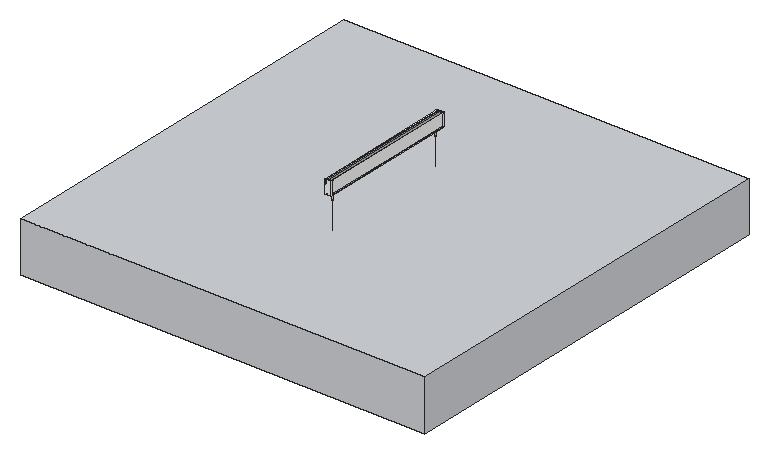
Revit family "LAMP_FIL 35 1960MM D-I OPAL", category Luminarias, Revit 2018
Family settings
  Anfitrión = Cara
  Cota de conector redondo = Diámetro de uso
  Tipo de pieza = Normal
  Corte con vacíos al cargar = No
  Origen de luz = Sí
  Compartido = No
  Punto de cálculo de habitación = No
Parameters (values of type "3960LM 3000K  BLACK")
  Ángulo de inclinación = -90.00°
  Weight = 4.12 kg
  Wattage = 21.72 W
  Type = "MID POWER TRIDONIC"
  built-in parameter 1150107 = 3000 (stored number, unit not read)
  NOT COVER 2 [instance] = not(END COVER 2)  # no
  NOT COVER 1 [instance] = not(END COVER 1)  # no
  Indirect light = LAMP_FIL 35 1960MM D-I OPAL_I : 3000K
  END COVER 2 [instance] = yes
  END COVER 1 [instance] = yes
  Suspension distance [instance] = if(Suspension > 4000 mm, 4000 mm, if(Suspension < 1 mm, 1 mm, Suspension))  # 200 mm
  Suspension [instance] = 200 mm
  built-in parameter 1150110 = 1 (stored number, unit not read)
  built-in parameter 1150109 = 1 (stored number, unit not read)
  built-in parameter 1150112 = 1 (stored number, unit not read)
  built-in parameter 1150113 = 1 (stored number, unit not read)
  built-in parameter 1114218 = 1 (stored number, unit not read)
  Protection rating = "IP20 / IK07"
  Product datasheet = "http://www.lamp.es/product-files/TECH/F31SF196LOIO830NB-EN.pdf"
  Product code = "F31SF196LOIO830NB"
  Product URL = "https://www.lamp.es/en/family/fil-35_413911"
  Power Supply = "220-240V 50/60Hz"
  Power = 32 W
  Plum = 36.2 W
  Photobiological risk = ""
  built-in parameter 1150137 = (empty or 0)
  built-in parameter 1150132 = 2
  Modelo = Product code  # "F31SF196LOIO830NB"
  Model Explanation = ""
  Material suspension = LAMP_Acero genérico
  Material perfil = LAMP_Aluminio Perfil Fil NG
  Material difusor = LAMP_PC Difusor Opal Fil
  Manufacturer name = "LAMP"
  Manufacturer country = "Spain"
  Manufacturer URL = "http://www.lamp.es/en"
  MacAdam = "3"
  Longitud de línea de emisión = 840 mm
  Last update = "14/05/2021"
  Lamp = "MID-POWER LED"
  LED Lifetime = "50.000 L90 B10"
  built-in parameter 1150105 = 189.09 (stored number, unit not read)
  built-in parameter 1150102 = (empty or 0)
  Insulation class = "I"
  Installation instructions = "https://www.lamp.es/product-files/INS/1004590-A%20INSTR.%20FIL35.pdf"
  built-in parameter 1150106 = 1.8909 (stored number, unit not read)
  IEE = "A+"
  Gear = "Electronic"
  Lumens = 2376.17 lm
  Finish = "Matte black RAL 9011"
  Color Filter = 16777215
  built-in parameter 1114217 = 1 (stored number, unit not read)
  built-in parameter 1150139 = (empty or 0)
  Fabricante = Manufacturer name  # "LAMP"
  Default Elevation = 1219.2 mm
  built-in parameter 1150104 = 10.164 (stored number, unit not read)
  Efficacy = 109.4 lm/W
  Dimensions = "1960x35x80"
  Descripción = "FIL35 SUR 1960 5400 WW D/I OPAL BK."
  built-in parameter 1150115 = 1 (stored number, unit not read)
  built-in parameter 1150114 = 1 (stored number, unit not read)
  built-in parameter 1150138 = (empty or 0)
  built-in parameter 1150134 = 3
  Dimming Lamp Color Temperature Shift = (empty or 0)
  CRI = "80"
  Archivo de red fotométrica = "F31SF196LOIO830NB_D.IES"
  built-in parameter 1150133 = 10 (stored number, unit not read)
Types (12, lengths in mm): name | built-in parameter 1150107 | Indirect light | Product datasheet | Product code | Modelo | Material perfil | built-in parameter 1150105 | built-in parameter 1150106 | Lumens | Finish | built-in parameter 1150104 | Efficacy | Descripción | Archivo de red fotométrica
  3960LM 3000K DALI BLACK | 3000 (stored number, unit not read) | LAMP_FIL 35 1960MM D-I OPAL_I : 3000K | "http://www.lamp.es/product-files/TECH/F31SF196LOIO830DB-EN.pdf" | "F31SF196LOIO830DB" | "F31SF196LOIO830DB" | LAMP_Aluminio Perfil Fil NG | 189.09 (stored number, unit not read) | 1.8909 (stored number, unit not read) | 2376.17 lm | "Matte black RAL 9011" | 10.164 (stored number, unit not read) | 109.4 lm/W | "FIL35 SUR 1960 5400 WW D/I OPAL DALI BK." | "F31SF196LOIO830NB_D.IES"
  3960LM 3000K DALI GREY | 3000 (stored number, unit not read) | LAMP_FIL 35 1960MM D-I OPAL_I : 3000K | "http://www.lamp.es/product-files/TECH/F31SF196LOIO830DG-EN.pdf" | "F31SF196LOIO830DG" | "F31SF196LOIO830DG" | LAMP_Aluminio Perfil Fil GR | 189.09 (stored number, unit not read) | 1.8909 (stored number, unit not read) | 2376.17 lm | "Gloss grey" | 10.164 (stored number, unit not read) | 109.4 lm/W | "FIL35 SUR 1960 2800 WW D/I OPAL DALI GR." | "F31SF196LOIO830NB_D.IES"
  3960LM 3000K DALI WHITE | 3000 (stored number, unit not read) | LAMP_FIL 35 1960MM D-I OPAL_I : 3000K | "http://www.lamp.es/product-files/TECH/F31SF196LOIO830DW-EN.pdf" | "F31SF196LOIO830DW" | "F31SF196LOIO830DW" | LAMP_Aluminio Perfil Fil BL | 562.78 (stored number, unit not read) | 5.6278 (stored number, unit not read) | 2376.17 lm | "Matte white RAL 9010" | 10.164 (stored number, unit not read) | 109.4 lm/W | "FIL35 SUR 1960 2800 WW D/I OPAL DALI WH." | "F31SF196LOIO830NB_D.IES"
  3960LM 3000K  BLACK | 3000 (stored number, unit not read) | LAMP_FIL 35 1960MM D-I OPAL_I : 3000K | "http://www.lamp.es/product-files/TECH/F31SF196LOIO830NB-EN.pdf" | "F31SF196LOIO830NB" | "F31SF196LOIO830NB" | LAMP_Aluminio Perfil Fil NG | 189.09 (stored number, unit not read) | 1.8909 (stored number, unit not read) | 2376.17 lm | "Matte black RAL 9011" | 10.164 (stored number, unit not read) | 109.4 lm/W | "FIL35 SUR 1960 5400 WW D/I OPAL BK." | "F31SF196LOIO830NB_D.IES"
  3960LM 3000K  GREY | 3000 (stored number, unit not read) | LAMP_FIL 35 1960MM D-I OPAL_I : 3000K | "http://www.lamp.es/product-files/TECH/F31SF196LOIO830NG-EN.pdf" | "F31SF196LOIO830NG" | "F31SF196LOIO830NG" | LAMP_Aluminio Perfil Fil GR | 189.09 (stored number, unit not read) | 1.8909 (stored number, unit not read) | 2376.17 lm | "Gloss grey" | 10.164 (stored number, unit not read) | 109.4 lm/W | "FIL35 SUR 1960 2800 WW D/I OPAL GR." | "F31SF168LOIO830NB_D.IES"
  3960LM 3000K  WHITE | 3000 (stored number, unit not read) | LAMP_FIL 35 1960MM D-I OPAL_I : 3000K | "http://www.lamp.es/product-files/TECH/F31SF196LOIO830NW-EN.pdf" | "F31SF196LOIO830NW" | "F31SF196LOIO830NW" | LAMP_Aluminio Perfil Fil BL | 189.09 (stored number, unit not read) | 1.8909 (stored number, unit not read) | 2376.17 lm | "Matte white RAL 9010" | 10.164 (stored number, unit not read) | 109.4 lm/W | "FIL35 SUR 1960 2800 WW D/I OPAL WH." | "F31SF196LOIO830NB_D.IES"
  4172LM 4000K DALI BLACK | 4000 (stored number, unit not read) | LAMP_FIL 35 1960MM D-I OPAL_I : 4000K | "http://www.lamp.es/product-files/TECH/F31SF196LOIO840DB-EN.pdf" | "F31SF196LOIO840DB" | "F31SF196LOIO840DB" | LAMP_Aluminio Perfil Fil NG | 199.11 (stored number, unit not read) | 1.9911 (stored number, unit not read) | 2502.14 lm | "Matte black RAL 9011" | 10.702 (stored number, unit not read) | 115.2 lm/W | "FIL35 SUR 1960 2800 NW D/I OPAL DALI BK." | "F31SF196LOIO840NB_D.IES"
  4172LM 4000K DALI GREY | 4000 (stored number, unit not read) | LAMP_FIL 35 1960MM D-I OPAL_I : 4000K | "http://www.lamp.es/product-files/TECH/F31SF196LOIO840DG-EN.pdf" | "F31SF196LOIO840DG" | "F31SF196LOIO840DG" | LAMP_Aluminio Perfil Fil GR | 199.11 (stored number, unit not read) | 1.9911 (stored number, unit not read) | 2502.14 lm | "Gloss grey" | 10.702 (stored number, unit not read) | 115.2 lm/W | "FIL35 SUR 1960 2800 NW D/I OPAL DALI GR." | "F31SF196LOIO840NB_D.IES"
  4172LM 4000K DALI WHITE | 4000 (stored number, unit not read) | LAMP_FIL 35 1960MM D-I OPAL_I : 4000K | "http://www.lamp.es/product-files/TECH/F31SF196LOIO840DW-EN.pdf" | "F31SF196LOIO840DW" | "F31SF196LOIO840DW" | LAMP_Aluminio Perfil Fil BL | 199.11 (stored number, unit not read) | 1.9911 (stored number, unit not read) | 2502.14 lm | "Matte white RAL 9010" | 10.702 (stored number, unit not read) | 115.2 lm/W | "FIL35 SUR 1960 2800 NW D/I OPAL DALI WH." | "F31SF196LOIO840NB_D.IES"
  4172LM 4000K  BLACK | 4000 (stored number, unit not read) | LAMP_FIL 35 1960MM D-I OPAL_I : 4000K | "http://www.lamp.es/product-files/TECH/F31SF196LOIO840NB-EN.pdf" | "F31SF196LOIO840NB" | "F31SF196LOIO840NB" | LAMP_Aluminio Perfil Fil NG | 199.11 (stored number, unit not read) | 1.9911 (stored number, unit not read) | 2502.14 lm | "Matte black RAL 9011" | 10.702 (stored number, unit not read) | 115.2 lm/W | "FIL35 SUR 1960 2800 NW D/I OPAL BK." | "F31SF196LOIO840NB_D.IES"
  4172LM 4000K  GREY | 4000 (stored number, unit not read) | LAMP_FIL 35 1960MM D-I OPAL_I : 4000K | "http://www.lamp.es/product-files/TECH/F31SF196LOIO840NG-EN.pdf" | "F31SF196LOIO840NG" | "F31SF196LOIO840NG" | LAMP_Aluminio Perfil Fil GR | 199.11 (stored number, unit not read) | 1.9911 (stored number, unit not read) | 2502.14 lm | "Gloss grey" | 10.702 (stored number, unit not read) | 115.2 lm/W | "FIL35 SUR 1960 2800 NW D/I OPAL GR." | "F31SF196LOIO840NB_D.IES"
  4172LM 4000K  WHITE | 4000 (stored number, unit not read) | LAMP_FIL 35 1960MM D-I OPAL_I : 4000K | "http://www.lamp.es/product-files/TECH/F31SF196LOIO840NW-EN.pdf" | "F31SF196LOIO840NW" | "F31SF196LOIO840NW" | LAMP_Aluminio Perfil Fil BL | 199.11 (stored number, unit not read) | 1.9911 (stored number, unit not read) | 2502.14 lm | "Matte white RAL 9010" | 10.702 (stored number, unit not read) | 115.2 lm/W | "FIL35 SUR 1960 2800 NW D/I OPAL WH." | "F31SF196LOIO840NB_D.IES"
Reference planes
  plane 1 "Centro (Frontal/Posterior)": y = 0
  plane 2: z = 0
  plane 3 "Centro (Izquierda/Derecha)": x = 0
Forms (mm)
  Extrusion 1, solid
    sketch origin (0, 0, 0) x (1, 0, 0) y (0, 1, 0)
      loop
        line (-1219.2, 1219.2) -> (-1219.2, -1219.2) -> (1219.2, -1219.2) -> (1219.2, 1219.2) -> (-1219.2, 1219.2)
    from 0 to -304.8
  Extrusion 2, solid, material "LAMP_Aluminio Perfil Fil NG" <- "Material perfil"
    sketch origin (0, 0, 0) x (1, 0, 0) y (0, 0, 1)
      loop
        arc (17.75, 285.7) -> (16.75, 286.7) -> (15.75, 285.7) r 1
        line (15.75, 285.7) -> (15.75, 284.2) -> (13.95, 284.2) -> (13.95, 259) -> (0, 259) -> (-13.95, 259) -> (-13.95, 284.2) -> (-15.75, 284.2) -> (-15.75, 285.7)
        arc (-15.75, 285.7) -> (-16.75, 286.7) -> (-17.75, 285.7) r 1
        line (-17.75, 285.7) -> (-17.75, 206.5) -> (-16.75, 206.5) -> (-16.75, 209.7) -> (-12.5, 209.7) -> (-12.5, 207.7) -> (-14.8, 207.7) -> (-13.6, 206.5) -> (-11, 206.5) -> (-11, 214.5) -> (0, 214.5) -> (11, 214.5) -> (11, 206.5) -> (13.6, 206.5) -> (14.8, 207.7) -> (12.5, 207.7) -> (12.5, 209.7) -> (16.75, 209.7) -> (16.75, 206.5) -> (17.75, 206.5) -> (17.75, 285.7)
    from -420 to 420
  Extrusion 3, solid, material "LAMP_Acero genérico" <- "Material suspension"
    sketch origin (0, 0, 0) x (1, 0, 0) y (0, 0, 1)
      loop
        line (-12.5, 201) -> (-15.291, 208.272) -> (-13.251, 209.7) -> (-14.251, 209.7) -> (-16.291, 208.272) -> (-13.116, 200) -> (0, 200) -> (13.116, 200) -> (16.291, 208.272) -> (14.251, 209.7) -> (13.251, 209.7) -> (15.291, 208.272) -> (12.5, 201) -> (0, 201) -> (-12.5, 201)
    from -400 to -378
  Extrusion 4, solid, material "LAMP_Acero genérico" <- "Material suspension"
    sketch origin (0, -24, 0) x (1, 0, 0) y (0, 1, 0)
      loop
        circle (0, -365) r 5
    from 163.2 to 200
  Extrusion 5, solid, material "LAMP_Acero genérico" <- "Material suspension"
    sketch origin (0, 24, 0) x (1, 0, 0) y (0, 1, 0)
      loop
        circle (0, 365) r 5
    from 163.2 to 200
  Extrusion 6, solid, material "LAMP_Acero genérico" <- "Material suspension"
    sketch origin (0, 0, 0) x (1, 0, 0) y (0, 1, 0)
      loop
        circle (0, -389) r 1
    from 0 to 163.2
  Extrusion 7, solid, material "LAMP_Acero genérico" <- "Material suspension"
    sketch origin (0, 0, 0) x (1, 0, 0) y (0, 1, 0)
      loop
        circle (0, 389) r 1
    from 0 to 163.2
  Extrusion 8, solid, material "LAMP_PC Difusor Opal Fil" <- "Material difusor"
    sketch origin (0, 0, -200) x (1, 0, 0) y (0, 0, 1)
      loop
        line (-15.75, 484.2) -> (0, 484.2) -> (15.75, 484.2) -> (15.75, 486.7) -> (0, 486.7) -> (-15.75, 486.7) -> (-15.75, 484.2)
    from 420 to -420
  Extrusion 9, solid, material "LAMP_Acero genérico" <- "Material suspension"
    sketch origin (0, 0, 0) x (1, 0, 0) y (0, 0, -1)
      loop
        line (-12.5, -201) -> (0, -201) -> (12.5, -201) -> (15.291, -208.272) -> (13.251, -209.7) -> (14.251, -209.7) -> (16.291, -208.272) -> (13.116, -200) -> (0, -200) -> (-13.116, -200) -> (-16.291, -208.272) -> (-14.251, -209.7) -> (-13.251, -209.7) -> (-15.291, -208.272) -> (-12.5, -201)
    from -400 to -378
  Extrusion 10, solid, material "LAMP_PC Difusor Opal Fil" <- "Material difusor"
    sketch origin (0, 0, 0) x (1, 0, 0) y (0, 0, 1)
      loop
        line (-11, 214.5) -> (-11, 206.5) -> (-7.529, 206.5) -> (11, 206.5) -> (11, 214.5) -> (10, 214.5) -> (10, 207.5) -> (-10, 207.5) -> (-10, 214.5) -> (-11, 214.5)
    from 420 to -420
Lines and regions (mm)
  reference lines
    curve 1: line (0, -445.47, 200) -> (0, 544.53, 200)
Text (mm)
  text "Any modification of the parameters and properties of the LAMP BIM models must be executed and validated by the LAMP technical department.\nPhone: +34 93 736 68 00\nE-mail: lamp@lamp.es\n\nLAMP reserves the right to modify the technical specifications of its products." at (3279.264, 5298.162, -2684.539), in view "Preview"
Dimensions and locks
  "Suspension distance": level to curve 1
  locked: Extrusion 4 to Extrusion 4 at 36.8
  locked: Extrusion 5 to Extrusion 5 at 36.8
  aligned and locked: plane 2 to Extrusion 1
  aligned and locked: level to Extrusion 1
  aligned and locked: curve 1 to Extrusion 9
  aligned and locked: curve 1 to Extrusion 3
  aligned and locked: Extrusion 4 to curve 1
  aligned and locked: Extrusion 5 to curve 1
  aligned and locked: Extrusion 6 to Extrusion 4
  aligned and locked: Extrusion 7 to Extrusion 5
  aligned and locked: Extrusion 2 to Extrusion 9
  aligned and locked: Extrusion 10 to Extrusion 2
  aligned and locked: Extrusion 8 to Extrusion 2
  aligned and locked: imposter light to Extrusion 8
  aligned and locked: Extrusion 2 to nested 1
  aligned and locked: nested 2 to Extrusion 2
Automatic sketch dimensions
  Extrusion 1 sketch curve to Extrusion 1 sketch curve = 2438.4 mm  (x2)
  Extrusion 4 sketch curve to plane 3 "Centro (Izquierda/Derecha)" = 0 mm
  plane 1 "Centro (Frontal/Posterior)" to Extrusion 4 sketch curve = 389 mm
  Extrusion 5 sketch curve to plane 3 "Centro (Izquierda/Derecha)" = 0 mm
  plane 1 "Centro (Frontal/Posterior)" to Extrusion 5 sketch curve = 389 mm
  Extrusion 6 sketch curve to plane 3 "Centro (Izquierda/Derecha)" = 0 mm
  plane 1 "Centro (Frontal/Posterior)" to Extrusion 6 sketch curve = 389 mm
  Extrusion 7 sketch curve to plane 3 "Centro (Izquierda/Derecha)" = 0 mm
  plane 1 "Centro (Frontal/Posterior)" to Extrusion 7 sketch curve = 389 mm
  Extrusion 10 sketch curve to plane 3 "Centro (Izquierda/Derecha)" = 11 mm
  Extrusion 10 sketch curve to Extrusion 10 sketch curve = 1 mm  (x3)
  Extrusion 10 sketch curve to Extrusion 10 sketch curve = 2.471 mm
  plane 3 "Centro (Izquierda/Derecha)" to Extrusion 10 sketch curve = 10 mm
  level to Extrusion 10 sketch curve = 206.5 mm
  Extrusion 10 sketch curve to Extrusion 10 sketch curve = 7 mm  (x2)
  Extrusion 2 sketch curve to plane 3 "Centro (Izquierda/Derecha)" = 0 mm  (x2)
  Extrusion 2 sketch curve to Extrusion 2 sketch curve = 11 mm
  Extrusion 2 sketch curve to Extrusion 2 sketch curve = 1.5 mm  (x4)
  Extrusion 2 sketch curve to Extrusion 2 sketch curve = 1.1 mm  (x2)
  Extrusion 2 sketch curve to plane 3 "Centro (Izquierda/Derecha)" = 13.95 mm
  Extrusion 2 sketch curve to Extrusion 2 sketch curve = 1.2 mm  (x4)
  Extrusion 2 sketch curve to Extrusion 2 sketch curve = 1.8 mm  (x2)
  Extrusion 2 sketch curve to Extrusion 2 sketch curve = 1 mm  (x3)
  plane 3 "Centro (Izquierda/Derecha)" to Extrusion 2 sketch curve = 11 mm
  plane 3 "Centro (Izquierda/Derecha)" to Extrusion 2 sketch curve = 13.95 mm
  Extrusion 2 sketch curve to Extrusion 2 sketch curve = 1.95 mm
  level to Extrusion 2 sketch curve = 206.5 mm
  Extrusion 2 sketch curve to Extrusion 2 sketch curve = 0 mm  (x3)
  Extrusion 2 sketch curve to Extrusion 2 sketch curve = 2 mm  (x2)
  Extrusion 2 sketch curve to Extrusion 2 sketch curve = 4.8 mm
  Extrusion 2 sketch curve to Extrusion 2 sketch curve = 44.5 mm
  Extrusion 2 sketch curve to Extrusion 2 sketch curve = 25.2 mm
  Extrusion 2 sketch curve to Extrusion 2 sketch curve = 26.7 mm
  Extrusion 8 sketch curve to plane 3 "Centro (Izquierda/Derecha)" = 0 mm  (x2)
  Extrusion 8 sketch curve to Extrusion 8 sketch curve = 15.75 mm
  plane 3 "Centro (Izquierda/Derecha)" to Extrusion 8 sketch curve = 15.75 mm
  level to Extrusion 8 sketch curve = 284.2 mm
  Extrusion 9 sketch curve to plane 3 "Centro (Izquierda/Derecha)" = 0 mm  (x2)
  Extrusion 9 sketch curve to Extrusion 9 sketch curve = 12.5 mm
  Extrusion 9 sketch curve to Extrusion 9 sketch curve = 0.616 mm  (x2)
  Extrusion 9 sketch curve to Extrusion 9 sketch curve = 0.751 mm  (x2)
  Extrusion 9 sketch curve to Extrusion 9 sketch curve = 1 mm  (x5)
  Extrusion 9 sketch curve to Extrusion 9 sketch curve = 1.04 mm  (x2)
  plane 3 "Centro (Izquierda/Derecha)" to Extrusion 9 sketch curve = 12.5 mm
  level to Extrusion 9 sketch curve = 209.7 mm
  Extrusion 9 sketch curve to Extrusion 9 sketch curve = 0 mm  (x3)
  Extrusion 9 sketch curve to Extrusion 9 sketch curve = 1.428 mm  (x2)
  Extrusion 9 sketch curve to Extrusion 9 sketch curve = 7.272 mm
  Extrusion 3 sketch curve to plane 3 "Centro (Izquierda/Derecha)" = 0 mm  (x2)
  Extrusion 3 sketch curve to Extrusion 3 sketch curve = 12.5 mm
  Extrusion 3 sketch curve to Extrusion 3 sketch curve = 0.616 mm  (x2)
  Extrusion 3 sketch curve to Extrusion 3 sketch curve = 0.751 mm  (x2)
  Extrusion 3 sketch curve to Extrusion 3 sketch curve = 1 mm  (x5)
  Extrusion 3 sketch curve to Extrusion 3 sketch curve = 1.04 mm  (x2)
  plane 3 "Centro (Izquierda/Derecha)" to Extrusion 3 sketch curve = 12.5 mm
  level to Extrusion 3 sketch curve = 200 mm
  Extrusion 3 sketch curve to Extrusion 3 sketch curve = 7.272 mm  (x2)
  Extrusion 3 sketch curve to Extrusion 3 sketch curve = 0 mm  (x2)
  Extrusion 3 sketch curve to Extrusion 3 sketch curve = 1.428 mm  (x2)
  Extrusion 8 sketch curve to Extrusion 8 sketch curve = 2.5 mm
  plane 1 "Centro (Frontal/Posterior)" to curve 1 = 445.47 mm
  curve 1 to plane 1 "Centro (Frontal/Posterior)" = 544.53 mm
  radius of Extrusion 4 sketch curve = 5 mm
  radius of Extrusion 5 sketch curve = 5 mm
  radius of Extrusion 6 sketch curve = 1 mm
  radius of Extrusion 7 sketch curve = 1 mm
Nested families
  nested 1: "LAMP_FIL 35 END COVER SURFACE" at (0, -421.4, 206.5), visible <- "END COVER 1", type "Blanco"
  nested 2: "LAMP_FIL 35 END COVER SURFACE" at (0, 421.4, 206.5), visible <- "END COVER 2", type "Blanco"
  nested 3: "LAMP_FIL 35 1960MM D-I OPAL_I" at (0, 0.02, -1293.5), type "3000K"
Connectors
  electrical at (0, 389, 200)
    settings: on Extrusion 5, index 1, voltage 230 V, apparent load 0 VA, apparent load phase1 0 VA, apparent load phase2 0 VA, apparent load phase3 0 VA, power factor 1, load classification "Otro", number of poles 1, system type 31, power factor state 1, is connector primary yes, connector utility no, sub classification motor no, connector description ""
Definition of nested family "LAMP_FIL 35 END COVER SURFACE"
  Parameters (values of type "Blanco")
    Material tapa = none
  Reference planes
    plane 1 "Centro (Frontal/Posterior)": y = 0
    plane 2: z = 0
    plane 3 "Centro (Izquierda/Derecha)": x = 0
  Forms (mm)
    Extrusion 1, solid, material <- "Material tapa"
      sketch origin (0, 0, 0) x (0, -1, 0) y (0, 0, 1)
        loop
          line (0, 0) -> (1.4, 0) -> (1.4, 80.5) -> (-1.4, 80.5) -> (-1.4, 0) -> (0, 0)
      from -17.8 to 17.8
  Dimensions and locks
    aligned and locked: level to plane 2
Definition of nested family "LAMP_FIL 35 1960MM D-I OPAL_I"
  Parameters (values of type "3000K")
    Tilt Angle = -90.00°
    Wattage = 14.48 W
    built-in parameter 1150110 = 1 (stored number, unit not read)
    built-in parameter 1114217 = 1 (stored number, unit not read)
    built-in parameter 1150109 = 1 (stored number, unit not read)
    built-in parameter 1150134 = (empty or 0)
    built-in parameter 1150113 = 1 (stored number, unit not read)
    Lumens = 1583.97 lm
    built-in parameter 1150115 = 1 (stored number, unit not read)
    built-in parameter 1150105 = 126.05 (stored number, unit not read)
    built-in parameter 1150137 = (empty or 0)
    built-in parameter 1150139 = (empty or 0)
    built-in parameter 1150112 = 1 (stored number, unit not read)
    built-in parameter 1150114 = 1 (stored number, unit not read)
    built-in parameter 1150132 = 2
    built-in parameter 1150102 = (empty or 0)
    built-in parameter 1150138 = (empty or 0)
    built-in parameter 1150107 = 3000 (stored number, unit not read)
    built-in parameter 1150106 = 1.2605 (stored number, unit not read)
    built-in parameter 1150104 = 10.163 (stored number, unit not read)
    Dimming Lamp Color Temperature Shift = (empty or 0)
    Color Filter = 16777215
    built-in parameter 1114218 = 1 (stored number, unit not read)
    Photometric Web File = "F31SF196LOIO830NB_I.IES"
    built-in parameter 1150133 = 10 (stored number, unit not read)
  Types (3, lengths in mm): name | built-in parameter 1150134 | Lumens | built-in parameter 1150105 | built-in parameter 1150107 | built-in parameter 1150106 | built-in parameter 1150104 | Photometric Web File
    (no name) | (empty or 0) | 1583.97 lm | 126.05 (stored number, unit not read) | 3000 (stored number, unit not read) | 1.2605 (stored number, unit not read) | 10.163 (stored number, unit not read) | "F31SF196LOIO830NB_I.IES"
    3000K | (empty or 0) | 1583.97 lm | 126.05 (stored number, unit not read) | 3000 (stored number, unit not read) | 1.2605 (stored number, unit not read) | 10.163 (stored number, unit not read) | "F31SF196LOIO830NB_I.IES"
    4000K | 12 | 1668.82 lm | 132.8 (stored number, unit not read) | 4000 (stored number, unit not read) | 1.328 (stored number, unit not read) | 10.707 (stored number, unit not read) | "F31SF196LOIO840NB_I.IES"
  Reference planes
    plane 1 "Eje de origen de luz (F/P)": y = 0
    plane 2: z = 0
    plane 3 "Eje de origen de luz (I/D)": x = 0
    plane 4 "Elevación de origen de luz": z = 1500
  Dimensions and locks
    aligned and locked: plane 3 "Eje de origen de luz (I/D)" to imposter light
    aligned and locked: plane 1 "Eje de origen de luz (F/P)" to imposter light
    aligned and locked: plane 4 "Elevación de origen de luz" to imposter light
    aligned and locked: level to plane 2
